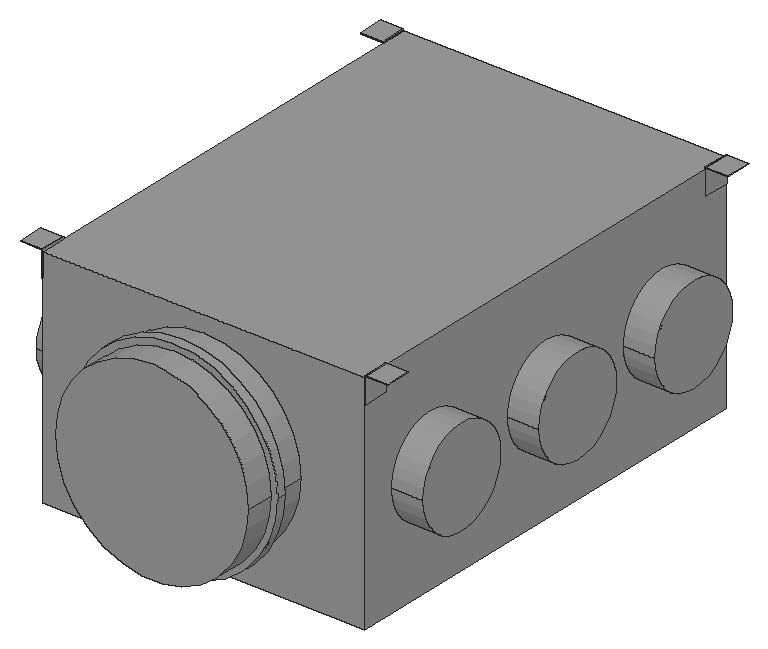
Revit family "FASU(F6-150 300Φ)", category ダクト付属品, Revit 2020
Family settings
  丸型コネクタ寸法 = 直径を使用
  パーツ タイプ = ダンパー
  OmniClass 番号 = 23.75.00.00
  OmniClass タイトル = Climate Control (HVAC)
  作業面ベース = いいえ
  常に垂直 = はい
  ロード時にボイドで切り取り = いいえ
  共有 = いいえ
Parameters
  高さ = 350 mm
  風量 = 0.0 L/s
  符号 = "FASU"
  形式 = "F6-150 300φ"
  幅 [instance] = 500 mm
  奥行き = 700 mm
  大きさ = 250 mm
  呼称 = "FASUチャンバー"
  付属品_下端レベル [instance] = 0 mm
  マテリアル [instance] = 既定値
  ダクト_イン = 300 mm
  ダクト_アウト = 150 mm
  既定の高さ = 0 mm
Reference planes
  plane 1 "中心(正面/背面)": y = 0
  plane 2: z = 0
  plane 3 "中心(左/右)": x = 0
  plane 4: x = -250
  plane 5: x = 250
  plane 6: y = -700
  plane 7: z = 350
  plane 8: z = 175
  plane 9: z = 266.963
  plane 10: z = 86.159
  plane 11: x = -251
  plane 12: z = 313.122
  plane 13: z = 352.122
  plane 14: y = -350
Forms (mm)
  Extrusion 1, solid, material "既定値" <- "マテリアル"
    sketch origin (0, 0, 0) x (1, 0, 0) y (0, 1, 0)
      loop
        line (-250, 0) -> (-250, -700) -> (250, -700) -> (250, 0) -> (-250, 0)
    from 0 to 350
  Extrusion 2, solid, material "既定値" <- "マテリアル"
    sketch origin (0, -30, 0) x (1, 0, 0) y (0, 1, 0)
      loop
        line (-250, 30) -> (-251, 30) -> (-251, -10) -> (-250, -10) -> (-250, 30)
    from 313.122 to 350
  Extrusion 3, solid, material "既定値" <- "マテリアル"
    sketch origin (0, -30, 0) x (1, 0, 0) y (0, 1, 0)
      loop
        line (-285, 30) -> (-285, -10) -> (-251, -10) -> (-251, 30) -> (-285, 30)
    from 352.122 to 350
  Extrusion 4, solid, material "既定値" <- "マテリアル"
    sketch origin (0, -30, 0) x (-1, 0, 0) y (0, -1, 0)
      loop
        line (-250, -30) -> (-250, 10) -> (-251, 10) -> (-251, -30) -> (-250, -30)
    from 313.122 to 353.122
  Extrusion 5, solid, material "既定値" <- "マテリアル"
    sketch origin (0, -30, 0) x (-1, 0, 0) y (0, -1, 0)
      loop
        line (-285, -30) -> (-251, -30) -> (-251, 10) -> (-285, 10) -> (-285, -30)
    from 352.122 to 353.122
  Extrusion 6, solid, material "既定値" <- "マテリアル"
    sketch origin (0, -490, 0) x (1, 0, 0) y (0, 1, 0)
      loop
        line (-285, -170) -> (-285, -210) -> (-251, -210) -> (-251, -170) -> (-285, -170)
    from 352.122 to 353.122
  Extrusion 7, solid, material "既定値" <- "マテリアル"
    sketch origin (0, -490, 0) x (1, 0, 0) y (0, 1, 0)
      loop
        line (-250, -170) -> (-251, -170) -> (-251, -210) -> (-250, -210) -> (-250, -170)
    from 313.122 to 353.122
  Extrusion 8, solid, material "既定値" <- "マテリアル"
    sketch origin (0, -490, 0) x (-1, 0, 0) y (0, -1, 0)
      loop
        line (-285, 170) -> (-251, 170) -> (-251, 210) -> (-285, 210) -> (-285, 170)
    from 352.122 to 353.122
  Extrusion 9, solid, material "既定値" <- "マテリアル"
    sketch origin (0, -490, 0) x (-1, 0, 0) y (0, -1, 0)
      loop
        line (-250, 170) -> (-250, 210) -> (-251, 210) -> (-251, 170) -> (-250, 170)
    from 313.122 to 353.122
  Extrusion 10, solid, material "既定値" <- "マテリアル"
    sketch origin (550, -582.5, 0) x (0, -1, 0) y (0, 0, -1)
      loop
        circle (-232.5, -175) r 74.985
    from -300 to -250
  Extrusion 11, solid, material "既定値" <- "マテリアル"
    sketch origin (-550, -582.5, 0) x (0, -1, 0) y (0, 0, 1)
      loop
        circle (-232.5, 175) r 74.985
    from -300 to -250
  Extrusion 12, solid, material "既定値" <- "マテリアル"
    sketch origin (0, -700, 0) x (1, 0, 0) y (0, 0, 1)
      loop
        circle (0, 175) r 150
    from 0 to 42.5
  Extrusion 13, solid, material "既定値" <- "マテリアル"
    sketch origin (0, -743, 0) x (1, 0, 0) y (0, 0, 1)
      loop
        circle (0, 175) r 160
    from -0.5 to 14.5
  Extrusion 14, solid, material "既定値" <- "マテリアル"
    sketch origin (0, -757.5, 0) x (1, 0, 0) y (0, 0, 1)
      loop
        circle (0, 175) r 150
    from 0 to 42.5
  Extrusion 15, solid, material "既定値" <- "マテリアル"
    sketch origin (550, -357.5, 0) x (0, -1, 0) y (0, 0, -1)
      loop
        circle (-232.5, -175) r 74.985
    from -300 to -250
  Extrusion 16, solid, material "既定値" <- "マテリアル"
    sketch origin (-550, -357.5, 0) x (0, -1, 0) y (0, 0, 1)
      loop
        circle (-232.5, 175) r 74.985
    from -300 to -250
  Extrusion 17, solid, material "既定値" <- "マテリアル"
    sketch origin (550, -142.5, 0) x (0, 1, 0) y (0, 0, 1)
      loop
        circle (-432.5, 175) r 74.985
    from -300 to -250
  Extrusion 18, solid, material "既定値" <- "マテリアル"
    sketch origin (0, -142.5, 0) x (0, 1, 0) y (0, 0, 1)
      loop
        circle (-432.5, 175) r 74.985
    from -300 to -250
Lines and regions (mm)
  model lines
    curve 1: line (-250, -30, 0) -> (250, -30, 0)
    curve 2: line (-250, -670, 0) -> (250, -670, 0)
Text (mm)
  text "FASU(F6-150 300Φ)" at (3.713, -630.412, 0), in view "参照レベル"
Dimensions and locks
  equal spacing: plane 4, plane 3 "中心(左/右)", plane 5
  "幅": plane 4 to plane 5
  "奥行き": plane 6 to plane 1 "中心(正面/背面)"
  "高さ": plane 7 to level
  equal spacing: plane 7, plane 8, level
  equal spacing: plane 6, plane 14, plane 1 "中心(正面/背面)"
  aligned and locked: level to plane 2
  aligned and locked: Extrusion 1 sketch curve to plane 5
  aligned and locked: plane 7 to Extrusion 1
  aligned and locked: Extrusion 2 sketch curve to Extrusion 1
  aligned and locked: plane 7 to Extrusion 2
  aligned and locked: Extrusion 3 sketch curve to Extrusion 2
  aligned and locked: Extrusion 2 to Extrusion 3 sketch curve
  aligned and locked: plane 7 to Extrusion 3
  aligned and locked: Extrusion 3 to plane 13
  aligned and locked: Extrusion 4 to Extrusion 5 sketch curve
  aligned and locked: Extrusion 5 sketch curve to Extrusion 4
  aligned and locked: Extrusion 1 to Extrusion 8
  aligned and locked: Extrusion 6 to Extrusion 1
  aligned and locked: Extrusion 7 to Extrusion 1
  aligned and locked: Extrusion 1 to Extrusion 9
  aligned and locked: Extrusion 9 to Extrusion 8
  aligned and locked: Extrusion 7 to Extrusion 6
  aligned and locked: plane 4 to Extrusion 7
  aligned and locked: Extrusion 9 to plane 5
  aligned and locked: plane 4 to curve 1
  aligned and locked: plane 5 to curve 1
  aligned and locked: plane 5 to curve 2
  aligned and locked: Extrusion 1 to Extrusion 3
  aligned and locked: Extrusion 5 to Extrusion 1
  aligned and locked: Extrusion 4 to plane 5
  aligned and locked: Extrusion 1 to plane 6
  aligned and locked: Extrusion 1 to plane 1 "中心(正面/背面)"
  aligned and locked: plane 6 to Extrusion 12
  aligned and locked: Extrusion 15 to plane 5
  aligned and locked: plane 4 to Extrusion 16
  aligned and locked: Extrusion 17 to plane 5
  aligned and locked: plane 4 to Extrusion 18
Automatic sketch dimensions
  curve 2 to plane 4 = 0 mm
  plane 6 to curve 2 = 30 mm
  plane 1 "中心(正面/背面)" to curve 1 = 30 mm
  Extrusion 1 sketch curve to plane 4 = 0 mm
  Extrusion 1 sketch curve to plane 6 = 0 mm
  plane 1 "中心(正面/背面)" to Extrusion 1 sketch curve = 0 mm
  plane 1 "中心(正面/背面)" to Extrusion 2 sketch curve = 0 mm
  Extrusion 2 sketch curve to plane 11 = 0 mm
  Extrusion 2 sketch curve to Extrusion 2 sketch curve = 40 mm
  plane 1 "中心(正面/背面)" to Extrusion 3 sketch curve = 0 mm
  Extrusion 3 sketch curve to Extrusion 3 sketch curve = 34 mm
  plane 1 "中心(正面/背面)" to Extrusion 4 sketch curve = 0 mm
  Extrusion 4 sketch curve to plane 5 = 0 mm
  Extrusion 4 sketch curve to Extrusion 4 sketch curve = 1 mm
  Extrusion 4 sketch curve to Extrusion 4 sketch curve = 40 mm
  plane 1 "中心(正面/背面)" to Extrusion 5 sketch curve = 0 mm
  Extrusion 5 sketch curve to Extrusion 5 sketch curve = 34 mm
  Extrusion 6 sketch curve to plane 6 = 0 mm
  Extrusion 6 sketch curve to plane 11 = 0 mm
  Extrusion 6 sketch curve to plane 11 = 34 mm
  plane 6 to Extrusion 6 sketch curve = 40 mm
  Extrusion 7 sketch curve to plane 11 = 0 mm
  Extrusion 7 sketch curve to plane 4 = 0 mm
  Extrusion 7 sketch curve to plane 6 = 0 mm
  plane 6 to Extrusion 7 sketch curve = 40 mm
  Extrusion 8 sketch curve to plane 6 = 0 mm
  Extrusion 8 sketch curve to plane 5 = 35 mm
  Extrusion 8 sketch curve to plane 5 = 1 mm
  Extrusion 8 sketch curve to Extrusion 8 sketch curve = 40 mm
  Extrusion 9 sketch curve to plane 6 = 0 mm
  Extrusion 9 sketch curve to plane 5 = 0 mm
  Extrusion 9 sketch curve to Extrusion 9 sketch curve = 1 mm
  Extrusion 9 sketch curve to Extrusion 9 sketch curve = 40 mm
  Extrusion 10 sketch curve to plane 8 = 0 mm
  Extrusion 10 sketch curve to plane 14 = 0 mm
  Extrusion 11 sketch curve to plane 8 = 0 mm
  Extrusion 11 sketch curve to plane 14 = 0 mm
  Extrusion 12 sketch curve to plane 3 "中心(左/右)" = 0 mm
  Extrusion 12 sketch curve to plane 8 = 0 mm
  Extrusion 13 sketch curve to plane 3 "中心(左/右)" = 0 mm
  Extrusion 13 sketch curve to plane 8 = 0 mm
  Extrusion 14 sketch curve to plane 3 "中心(左/右)" = 0 mm
  Extrusion 14 sketch curve to plane 8 = 0 mm
  Extrusion 15 sketch curve to plane 8 = 0 mm
  plane 1 "中心(正面/背面)" to Extrusion 15 sketch curve = 125 mm
  Extrusion 16 sketch curve to plane 8 = 0 mm
  plane 1 "中心(正面/背面)" to Extrusion 16 sketch curve = 125 mm
  Extrusion 17 sketch curve to plane 8 = 0 mm
  plane 6 to Extrusion 17 sketch curve = 125 mm
  Extrusion 18 sketch curve to plane 8 = 0 mm
  plane 6 to Extrusion 18 sketch curve = 125 mm
  radius of Extrusion 10 sketch curve = 74.985 mm
  radius of Extrusion 11 sketch curve = 74.985 mm
  radius of Extrusion 12 sketch curve = 150 mm
  radius of Extrusion 13 sketch curve = 160 mm
  radius of Extrusion 14 sketch curve = 150 mm
  radius of Extrusion 15 sketch curve = 74.985 mm
  radius of Extrusion 16 sketch curve = 74.985 mm
  radius of Extrusion 17 sketch curve = 74.985 mm
  radius of Extrusion 18 sketch curve = 74.985 mm
Connectors
  hvac at (-300, -575, 175), driven by "ダクト_アウト"
    settings: on Extrusion 18, index 1, duct flow 0.0 L/s, flow factor 0, pres drop 0.0 Pa, loss coef 0, conn angle 0.00°, conn width 304.8 mm, conn height 304.8 mm, conn diameter 150 mm, duct sys type 29, conn prof type 0, flow config 0, flow direction 2, loss method 0, conn ref index -1, conn util no, is conn primary yes, conn desc ""
  hvac at (-300, -350, 175), driven by "ダクト_アウト"
    settings: on Extrusion 11, index 2, duct flow 0.0 L/s, flow factor 0, pres drop 0.0 Pa, loss coef 0, conn angle 0.00°, conn width 304.8 mm, conn height 304.8 mm, conn diameter 150 mm, duct sys type 29, conn prof type 0, flow config 0, flow direction 2, loss method 0, conn ref index -1, conn util no, is conn primary no, conn desc ""
  hvac at (-300, -125, 175), driven by "ダクト_アウト"
    settings: on Extrusion 16, index 3, duct flow 0.0 L/s, flow factor 0, pres drop 0.0 Pa, loss coef 0, conn angle 0.00°, conn width 304.8 mm, conn height 304.8 mm, conn diameter 150 mm, duct sys type 29, conn prof type 0, flow config 0, flow direction 2, loss method 0, conn ref index -1, conn util no, is conn primary no, conn desc ""
  hvac at (300, -575, 175), driven by "ダクト_アウト"
    settings: on Extrusion 17, index 4, duct flow 0.0 L/s, flow factor 0, pres drop 0.0 Pa, loss coef 0, conn angle 0.00°, conn width 304.8 mm, conn height 304.8 mm, conn diameter 150 mm, duct sys type 29, conn prof type 0, flow config 0, flow direction 2, loss method 0, conn ref index -1, conn util no, is conn primary no, conn desc ""
  hvac at (300, -350, 175), driven by "ダクト_アウト"
    settings: on Extrusion 10, index 5, duct flow 0.0 L/s, flow factor 0, pres drop 0.0 Pa, loss coef 0, conn angle 0.00°, conn width 304.8 mm, conn height 304.8 mm, conn diameter 150 mm, duct sys type 29, conn prof type 0, flow config 0, flow direction 2, loss method 0, conn ref index -1, conn util no, is conn primary no, conn desc ""
  hvac at (300, -125, 175), driven by "ダクト_アウト"
    settings: on Extrusion 15, index 6, duct flow 0.0 L/s, flow factor 0, pres drop 0.0 Pa, loss coef 0, conn angle 0.00°, conn width 304.8 mm, conn height 304.8 mm, conn diameter 150 mm, duct sys type 29, conn prof type 0, flow config 0, flow direction 2, loss method 0, conn ref index -1, conn util no, is conn primary no, conn desc ""
  hvac at (0, -800, 175), driven by "ダクト_イン"
    settings: on Extrusion 14, index 7, duct flow 0.0 L/s, flow factor 0, pres drop 0.0 Pa, loss coef 0, conn angle 0.00°, conn width 304.8 mm, conn height 304.8 mm, conn diameter 300 mm, duct sys type 29, conn prof type 0, flow config 0, flow direction 1, loss method 0, conn ref index -1, conn util no, is conn primary no, conn desc ""
